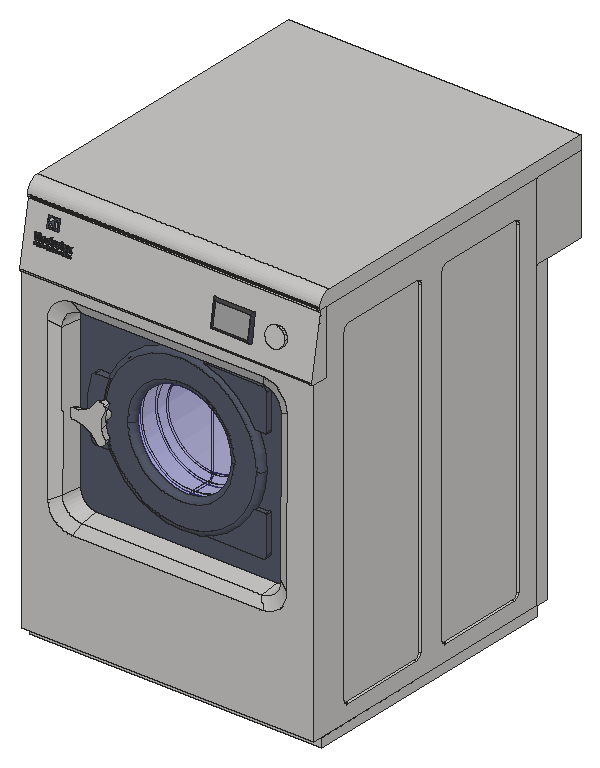
Revit family "1LSN2C_WH6-6(2)", category Specialty Equipment, Revit 2021
Family settings
  Round Connector Dimension = Use Diameter
  Part Type = Normal
  Work Plane-Based = No
  Always vertical = Yes
  Cut with Voids When Loaded = No
  Shared = No
  Room Calculation Point = No
Parameters
  Show Logo [instance] = yes
  Show Clearance [instance] = yes
  Manufacturer = ""
  Model = ""
  Description = ""
  Default Elevation = 0 mm
Reference planes
  plane 1: z = 0
  plane 2 "BACK": y = 372.8
  plane 3 "FRONT": y = -306.9
  plane 4 "LEFT": x = -799
  plane 5 "RIGHT": x = -64
  plane 6 "TOP": z = 830.2
Forms (mm)
  Extrusion 1, solid, material "QF_Finishes_Stainless Steel"
    sketch origin (0, 0, 0) x (1, 0, 0) y (0, 1, 0)
      loop
        line (-799, 261.1) -> (-799, -286.9) -> (-204, -286.9) -> (-204, 261.1) -> (-799, 261.1)
    from 0 to 20
  Extrusion 2, solid, material "QF_Finishes_Stainless Steel"
    sketch origin (718.1, -398.1, 598.796) x (0, 0, -1) y (0, 1, 0)
      loop
        line (578.796, 659.2) -> (-201.404, 659.2) -> (-201.404, 122.184) -> (-73.404, 122.184) -> (-73.404, 91.2) -> (578.796, 91.2) -> (578.796, 659.2)
    from -1517.1 to -922.1
  Extrusion 3, solid, material "QF_Finishes_Stainless Steel"
    sketch origin (718.1, -413.1, 314.696) x (0, 0, -1) y (0, 1, 0)
      loop
        line (-485.504, 785.9) -> (-515.504, 785.9) -> (-515.504, 147.6)
        arc (-515.504, 147.6) -> (-508.182, 129.923) -> (-490.504, 122.6) r 25
        line (-490.504, 122.6) -> (-488.385, 122.6)
        arc (-488.385, 122.6) -> (-486.348, 123.444) -> (-485.504, 125.481) r 2.881
        line (-485.504, 125.481) -> (-485.504, 785.9)
    from -1517.1 to -922.1
  Extrusion 4, solid, material "QF_Finishes_Stainless Steel"
    sketch origin (718.1, -398.1, 598.796) x (0, 0, -1) y (0, 1, 0)
      loop
        line (-43.022, 659.2) -> (-43.022, 770.9) -> (-201.404, 770.9) -> (-201.404, 659.2) -> (-43.022, 659.2)
    from -1517.1 to -922.1
  Blend 5, solid, material "QF_Finishes_Stainless Steel"
    base sketch origin (655.734, 372.8, -65.972) x (0, 0, 1) y (1, 0, 0)
      loop
        circle (514, -1157.1) r 168
    top sketch origin (655.734, 372.8, -65.972) x (0, 0, 1) y (1, 0, 0)
      loop
        circle (514, -1157.1) r 93
    from -86.7 to -46.82
  Blend 6, void
    base sketch origin (1799, -398.1, 640.994) x (0, 0, -1) y (1, 0, 0)
      loop
        arc (17.312, -2485.479) -> (27.287, -2508.58) -> (50.413, -2518.496) r 34
        arc (50.413, -2518.496) -> (204.152, -2520.341) -> (357.882, -2517.867) r 5474
        arc (357.882, -2517.867) -> (380.921, -2507.903) -> (390.844, -2484.847) r 34
        arc (390.844, -2484.847) -> (393.46, -2300.5) -> (390.844, -2116.153) r 6496.247
        arc (390.844, -2116.153) -> (380.921, -2093.097) -> (357.882, -2083.133) r 34
        arc (357.882, -2083.133) -> (204.152, -2080.659) -> (50.413, -2082.504) r 5474
        arc (50.413, -2082.504) -> (27.287, -2092.42) -> (17.312, -2115.521) r 34
        arc (17.312, -2115.521) -> (14.669, -2300.5) -> (17.312, -2485.479) r 6474
    top sketch origin (1799, -398.1, 640.994) x (0, 0, -1) y (1, 0, 0)
      loop
        arc (11.708, -2485.254) -> (23.444, -2512.433) -> (50.653, -2524.1) r 40
        arc (50.653, -2524.1) -> (204.164, -2525.936) -> (357.666, -2523.471) r 5479.595
        arc (357.666, -2523.471) -> (384.773, -2511.748) -> (396.448, -2484.622) r 40
        arc (396.448, -2484.622) -> (399.055, -2300.5) -> (396.448, -2116.378) r 6501.842
        arc (396.448, -2116.378) -> (384.773, -2089.252) -> (357.666, -2077.529) r 40
        arc (357.666, -2077.529) -> (204.164, -2075.064) -> (50.653, -2076.9) r 5479.595
        arc (50.653, -2076.9) -> (23.444, -2088.567) -> (11.708, -2115.746) r 40
        arc (11.708, -2115.746) -> (9.074, -2300.5) -> (11.708, -2485.254) r 6479.595
    from -140.025 to -101.9
  Sweep 7, solid, material "QF_Finishes_Navy Blue"
    path origin (1799, -258.075, 640.994) x (0, 0, -1) y (1, 0, 0)
      loop
        circle (193.036, -2300.359) r 163.892
    profile origin (-665.252, -258.075, 447.958) x (0, -1, 0) y (1, 0, 0)
      loop
        arc (0, 1.34) -> (10, 1.34) -> (15, 10) r 10
        line (15, 10) -> (15, 55.1)
        arc (15, 55.1) -> (10, 63.76) -> (0, 63.76) r 10
        line (0, 63.76) -> (0, 1.34)
  Extrusion 8, void
    sketch origin (737.083, -398.1, 512.286) x (0, 0, -1) y (1, 0, 0)
      loop
        circle (64.327, -1238.437) r 157.984
    from -451.9 to -140.025
  Revolve 9, solid, material "QF_Finishes_Glass"
    sketch origin (-501.359, 0, -3.804) x (0, 1, 0) y (0, 0, 1)
      loop
        line (-258.075, 609.746) -> (-258.075, 569.065)
        arc (-258.075, 569.065) -> (-253.681, 558.458) -> (-243.075, 554.065) r 15
        line (-243.075, 554.065) -> (-203.798, 554.065)
        arc (-203.798, 554.065) -> (-196.727, 551.136) -> (-193.798, 544.065) r 10
        line (-193.798, 544.065) -> (-193.798, 451.762) -> (-188.798, 451.762) -> (-188.798, 544.065)
        arc (-188.798, 544.065) -> (-193.191, 554.672) -> (-203.798, 559.065) r 15
        line (-203.798, 559.065) -> (-243.075, 559.065)
        arc (-243.075, 559.065) -> (-250.146, 561.994) -> (-253.075, 569.065) r 10
        line (-253.075, 569.065) -> (-253.075, 609.746) -> (-258.075, 609.746)
      axis (-258.075, 451.762) -> (-188.798, 451.762)
    angle from 0 to 360
  Extrusion 10, solid, material "QF_Finishes_Navy Blue"
    sketch origin (1799, -398.1, 511.899) x (0, 0, 1) y (-1, 0, 0)
      loop
        arc (-138.662, 2129.17) -> (-137.249, 2129.757) -> (-136.663, 2131.17) r 2.001
        line (-136.663, 2131.17) -> (-136.665, 2160.109)
        arc (-136.665, 2160.109) -> (-193.941, 2210.588) -> (-220.858, 2282.03) r 157.984
        line (-220.858, 2282.03) -> (-220.845, 2137.124)
        arc (-220.845, 2137.124) -> (-218.488, 2131.494) -> (-212.847, 2129.164) r 8
        line (-212.847, 2129.164) -> (-138.662, 2129.17)
    from -140.025 to -130.025
  Extrusion 11, solid, material "QF_Finishes_Stainless Steel"
    sketch origin (774.256, -398.1, 512.339) x (0, 0, -1) y (1, 0, 0)
      loop
        circle (63.902, -1430.269) r 12
    from -125.025 to -106.2
  Blend 12, solid, material "QF_Finishes_Stainless Steel"
    base sketch origin (774.256, -398.1, 512.339) x (0, 0, -1) y (1, 0, 0)
      loop
        arc (50.22, -1447.259) -> (53.068, -1457.304) -> (53.866, -1467.714) r 52.31
        arc (53.866, -1467.714) -> (55.421, -1471.602) -> (59.133, -1473.541) r 6.031
        arc (59.133, -1473.541) -> (64.307, -1473.849) -> (69.48, -1473.542) r 43.662
        arc (69.48, -1473.542) -> (73.193, -1471.604) -> (74.749, -1467.716) r 6.031
        arc (74.749, -1467.716) -> (81.756, -1440.261) -> (102.032, -1420.469) r 52.396
        arc (102.032, -1420.469) -> (104.622, -1417.178) -> (104.444, -1412.994) r 6.031
        arc (104.444, -1412.994) -> (102.124, -1408.36) -> (99.272, -1404.033) r 43.662
        arc (99.272, -1404.033) -> (95.737, -1401.786) -> (91.592, -1402.383) r 6.031
        arc (91.592, -1402.383) -> (82.177, -1406.896) -> (72.053, -1409.45) r 52.31
        arc (72.053, -1409.45) -> (53.923, -1408.985) -> (37.034, -1402.379) r 52.491
        arc (37.034, -1402.379) -> (32.889, -1401.781) -> (29.354, -1404.027) r 6.031
        arc (29.354, -1404.027) -> (26.5, -1408.353) -> (24.18, -1412.987) r 43.662
        arc (24.18, -1412.987) -> (24.001, -1417.171) -> (26.591, -1420.463) r 6.031
        arc (26.591, -1420.463) -> (40.755, -1431.789) -> (50.22, -1447.259) r 52.491
    top sketch origin (774.256, -398.1, 512.339) x (0, 0, -1) y (1, 0, 0)
      loop
        arc (55.209, -1445.949) -> (58.579, -1457.755) -> (59.557, -1469.994) r 61.975
        arc (59.557, -1469.994) -> (64.361, -1470.277) -> (69.165, -1469.982) r 40.09
        arc (69.165, -1469.982) -> (77.404, -1437.725) -> (101.161, -1414.401) r 61.904
        arc (101.161, -1414.401) -> (99.031, -1410.145) -> (96.412, -1406.173) r 40.09
        arc (96.412, -1406.173) -> (85.323, -1411.444) -> (73.412, -1414.426) r 61.975
        arc (73.412, -1414.426) -> (52.094, -1413.883) -> (32.213, -1406.167) r 62.168
        arc (32.213, -1406.167) -> (29.593, -1410.139) -> (27.462, -1414.394) r 40.09
        arc (27.462, -1414.394) -> (34.62, -1419.011) -> (41.075, -1424.568) r 61.793
        arc (41.075, -1424.568) -> (49.253, -1434.524) -> (55.209, -1445.949) r 62.31
    from -91.2 to -106.2
  Blend 13, void
    base sketch origin (1799, -258.075, 640.994) x (0, 0, 1) y (1, 0, 0)
      loop
        arc (-40.17, -2544.974) -> (-5.739, -2530.172) -> (9.142, -2495.774) r 50.744
        arc (9.142, -2495.774) -> (12.075, -2300.5) -> (9.142, -2105.226) r 6500.744
        arc (9.142, -2105.226) -> (-5.739, -2070.828) -> (-40.17, -2056.026) r 50.744
        arc (-40.17, -2056.026) -> (-204.188, -2053.915) -> (-368.196, -2056.696) r 5500.744
        arc (-368.196, -2056.696) -> (-402.497, -2071.57) -> (-417.301, -2105.901) r 50.744
        arc (-417.301, -2105.901) -> (-420.204, -2300.5) -> (-417.301, -2495.099) r 6522.991
        arc (-417.301, -2495.099) -> (-402.497, -2529.43) -> (-368.196, -2544.304) r 50.744
        arc (-368.196, -2544.304) -> (-204.188, -2547.085) -> (-40.17, -2544.974) r 5500.744
    top sketch origin (1799, -258.075, 640.994) x (0, 0, 1) y (1, 0, 0)
      loop
        arc (-11.708, -2485.254) -> (-9.074, -2300.5) -> (-11.708, -2115.746) r 6479.595
        arc (-11.708, -2115.746) -> (-23.444, -2088.567) -> (-50.653, -2076.9) r 40
        arc (-50.653, -2076.9) -> (-204.164, -2075.064) -> (-357.666, -2077.529) r 5479.595
        arc (-357.666, -2077.529) -> (-384.773, -2089.252) -> (-396.448, -2116.378) r 40
        arc (-396.448, -2116.378) -> (-399.055, -2300.5) -> (-396.448, -2484.622) r 6501.842
        arc (-396.448, -2484.622) -> (-384.773, -2511.748) -> (-357.666, -2523.471) r 40
        arc (-357.666, -2523.471) -> (-204.164, -2525.936) -> (-50.653, -2524.1) r 5479.595
        arc (-50.653, -2524.1) -> (-23.444, -2512.433) -> (-11.708, -2485.254) r 40
    from -48.825 to -38.125
  Blend 14, void
    base sketch origin (-439, -182.75, 0) x (0, 1, 0) y (0, 0, 1)
      loop
        arc (-34.813, 747.751) -> (-44.621, 743.688) -> (-48.683, 733.881) r 13.87
        line (-48.683, 733.881) -> (-48.683, 64.954)
        arc (-48.683, 64.954) -> (-44.621, 55.147) -> (-34.813, 51.084) r 13.87
        line (-34.813, 51.084) -> (137.113, 51.084)
        arc (137.113, 51.084) -> (146.921, 55.147) -> (150.983, 64.954) r 13.87
        line (150.983, 64.954) -> (150.983, 733.881)
        arc (150.983, 733.881) -> (146.921, 743.688) -> (137.113, 747.751) r 13.87
        line (137.113, 747.751) -> (-34.813, 747.751)
    top sketch origin (-439, -182.75, 0) x (0, 1, 0) y (0, 0, 1)
      loop
        line (138.453, 745.351) -> (-36.153, 745.351)
        arc (-36.153, 745.351) -> (-43.316, 742.383) -> (-46.283, 735.22) r 10.13
        line (-46.283, 735.22) -> (-46.283, 63.615)
        arc (-46.283, 63.615) -> (-43.316, 56.452) -> (-36.153, 53.484) r 10.13
        line (-36.153, 53.484) -> (138.453, 53.484)
        arc (138.453, 53.484) -> (145.616, 56.452) -> (148.583, 63.615) r 10.13
        line (148.583, 63.615) -> (148.583, 735.22)
        arc (148.583, 735.22) -> (145.616, 742.383) -> (138.453, 745.351) r 10.13
    from -360 to -355
  Blend 15, void
    base sketch origin (-439, 66.75, 0) x (0, 1, 0) y (0, 0, 1)
      loop
        arc (-34.813, 747.751) -> (-44.621, 743.688) -> (-48.683, 733.881) r 13.87
        line (-48.683, 733.881) -> (-48.683, 64.954)
        arc (-48.683, 64.954) -> (-44.621, 55.147) -> (-34.813, 51.084) r 13.87
        line (-34.813, 51.084) -> (137.113, 51.084)
        arc (137.113, 51.084) -> (146.921, 55.147) -> (150.983, 64.954) r 13.87
        line (150.983, 64.954) -> (150.983, 733.881)
        arc (150.983, 733.881) -> (146.921, 743.688) -> (137.113, 747.751) r 13.87
        line (137.113, 747.751) -> (-34.813, 747.751)
    top sketch origin (-439, 66.75, 0) x (0, 1, 0) y (0, 0, 1)
      loop
        line (138.453, 745.351) -> (-36.153, 745.351)
        arc (-36.153, 745.351) -> (-43.316, 742.383) -> (-46.283, 735.22) r 10.13
        line (-46.283, 735.22) -> (-46.283, 63.615)
        arc (-46.283, 63.615) -> (-43.316, 56.452) -> (-36.153, 53.484) r 10.13
        line (-36.153, 53.484) -> (138.453, 53.484)
        arc (138.453, 53.484) -> (145.616, 56.452) -> (148.583, 63.615) r 10.13
        line (148.583, 63.615) -> (148.583, 735.22)
        arc (148.583, 735.22) -> (145.616, 742.383) -> (138.453, 745.351) r 10.13
    from -360 to -355
  Extrusion 16, solid, material "QF_Finishes_Stainless Steel"
    sketch origin (718.1, -398.1, 524.9) x (0, 0, -1) y (0, 1, 0)
      loop
        line (504.9, 659.2) -> (504.9, 684.2) -> (-116.918, 684.2) -> (-116.918, 659.2) -> (504.9, 659.2)
    from -1517.1 to -922.1
  Blend 17, void
    base sketch origin (-564, -182.75, 0) x (0, 1, 0) y (0, 0, -1)
      loop
        line (-34.813, -747.751) -> (137.113, -747.751)
        arc (137.113, -747.751) -> (146.921, -743.688) -> (150.983, -733.881) r 13.87
        line (150.983, -733.881) -> (150.983, -64.954)
        arc (150.983, -64.954) -> (146.921, -55.147) -> (137.113, -51.084) r 13.87
        line (137.113, -51.084) -> (-34.813, -51.084)
        arc (-34.813, -51.084) -> (-44.621, -55.147) -> (-48.683, -64.954) r 13.87
        line (-48.683, -64.954) -> (-48.683, -733.881)
        arc (-48.683, -733.881) -> (-44.621, -743.688) -> (-34.813, -747.751) r 13.87
    top sketch origin (-564, -182.75, 0) x (0, 1, 0) y (0, 0, -1)
      loop
        arc (138.453, -745.351) -> (145.616, -742.383) -> (148.583, -735.22) r 10.13
        line (148.583, -735.22) -> (148.583, -63.615)
        arc (148.583, -63.615) -> (145.616, -56.452) -> (138.453, -53.484) r 10.13
        line (138.453, -53.484) -> (-36.153, -53.484)
        arc (-36.153, -53.484) -> (-43.316, -56.452) -> (-46.283, -63.615) r 10.13
        line (-46.283, -63.615) -> (-46.283, -735.22)
        arc (-46.283, -735.22) -> (-43.316, -742.383) -> (-36.153, -745.351) r 10.13
        line (-36.153, -745.351) -> (138.453, -745.351)
    from -360 to -355
  Blend 18, void
    base sketch origin (-564, 66.75, 0) x (0, 1, 0) y (0, 0, -1)
      loop
        line (-34.813, -747.751) -> (137.113, -747.751)
        arc (137.113, -747.751) -> (146.921, -743.688) -> (150.983, -733.881) r 13.87
        line (150.983, -733.881) -> (150.983, -64.954)
        arc (150.983, -64.954) -> (146.921, -55.147) -> (137.113, -51.084) r 13.87
        line (137.113, -51.084) -> (-34.813, -51.084)
        arc (-34.813, -51.084) -> (-44.621, -55.147) -> (-48.683, -64.954) r 13.87
        line (-48.683, -64.954) -> (-48.683, -733.881)
        arc (-48.683, -733.881) -> (-44.621, -743.688) -> (-34.813, -747.751) r 13.87
    top sketch origin (-564, 66.75, 0) x (0, 1, 0) y (0, 0, -1)
      loop
        arc (138.453, -745.351) -> (145.616, -742.383) -> (148.583, -735.22) r 10.13
        line (148.583, -735.22) -> (148.583, -63.615)
        arc (148.583, -63.615) -> (145.616, -56.452) -> (138.453, -53.484) r 10.13
        line (138.453, -53.484) -> (-36.153, -53.484)
        arc (-36.153, -53.484) -> (-43.316, -56.452) -> (-46.283, -63.615) r 10.13
        line (-46.283, -63.615) -> (-46.283, -735.22)
        arc (-46.283, -735.22) -> (-43.316, -742.383) -> (-36.153, -745.351) r 10.13
        line (-36.153, -745.351) -> (138.453, -745.351)
    from -360 to -355
  Extrusion 19, solid, material "QF_Finishes_Navy Blue"
    sketch origin (1799, -398.1, 384.158) x (0, 0, -1) y (1, 0, 0)
      loop
        line (-138.662, -2129.17) -> (-212.847, -2129.164)
        arc (-212.847, -2129.164) -> (-218.488, -2131.494) -> (-220.845, -2137.124) r 8
        line (-220.845, -2137.124) -> (-220.858, -2282.03)
        arc (-220.858, -2282.03) -> (-193.941, -2210.588) -> (-136.665, -2160.109) r 157.984
        line (-136.665, -2160.109) -> (-136.663, -2131.17)
        arc (-136.663, -2131.17) -> (-137.249, -2129.757) -> (-138.662, -2129.17) r 2.001
    from -140.025 to -130.025
  Extrusion 20, solid, material "QF_Finishes_Navy Blue"
    sketch origin (1471.204, -398.1, 618.971) x (0, 0, 1) y (-1, 0, 0)
      loop
        line (-106.047, 2116.572) -> (-106.047, 2145.048)
        arc (-106.047, 2145.048) -> (-107.973, 2150.949) -> (-113.011, 2154.576) r 10
        arc (-113.011, 2154.576) -> (-170.922, 2163.594) -> (-228.842, 2154.631) r 191.031
        arc (-228.842, 2154.631) -> (-233.885, 2151.004) -> (-235.815, 2145.1) r 10
        line (-235.815, 2145.1) -> (-235.815, 2116.645)
        arc (-235.815, 2116.645) -> (-170.923, 2130.547) -> (-106.047, 2116.572) r 157.984
    from -140.025 to -125.025
  Sweep 21, solid, material "QF_Finishes_Black"
    path origin (-1296.196, -327.051, 581.834) x (0, 0.173648, 0.984808) y (-1, 0, 0)
      loop
        line (121.52, -965.009) -> (176.52, -965.009) -> (176.52, -882.261) -> (121.52, -882.261) -> (121.52, -965.009)
    profile origin (-331.187, -301.174, 728.59) x (-1, 0, 0) y (0, -0.984808, 0.173648)
      loop
        line (5, 0) -> (5, 5)
        arc (5, 5) -> (1.464, 3.536) -> (0, 0) r 5
        line (0, 0) -> (5, 0)
  Extrusion 22, solid, material "QF_Finishes_Dark Grey"
    sketch origin (-479, -310.318, 676.73) x (0, 0.173648, 0.984808) y (-1, 0, 0)
      loop
        line (30.16, -70.065) -> (30.16, -142.813) -> (75.16, -142.813) -> (75.16, -70.065) -> (30.16, -70.065)
    from 0 to 4
  Extrusion 23, solid, material "QF_Finishes_Stainless Steel"
    sketch origin (-499, 119.935, -217.376) x (0, 1, 0) y (0, 0, 1)
      loop
        line (-395.851, 889.576) -> (-395.851, 1017.576) -> (-404.286, 1017.576)
        arc (-404.286, 1017.576) -> (-407.5, 1016.406) -> (-409.21, 1013.444) r 5
        line (-409.21, 1013.444) -> (-430.43, 893.097)
        arc (-430.43, 893.097) -> (-429.774, 890.648) -> (-427.476, 889.576) r 3
        line (-427.476, 889.576) -> (-395.851, 889.576)
    from -300 to 295
  Extrusion 24, solid, material "QF_Finishes_Stainless Steel"
    sketch origin (-499, -310.439, 676.042) x (0, 0.173648, 0.984808) y (-1, 0, 0)
      loop
        circle (55.088, -215.558) r 20
    from 0 to 4.981
  Revolve 25, solid, material "QF_Door-Drawer Clearances", visible <- "Show Clearance", detail levels coarse
    sketch origin (-1732.685, -274.5, 4000) x (-1, 0, 0) y (0, 0, 1)
      loop
        circle (-1231.319, -3551.972) r 163.386
      axis (-1403.685, -3551.972) -> (-1403.685, -3550.972)
    angle from 0 to 90
  Extrusion 26, solid, material "QF_Finishes_Stainless Steel"
    sketch origin (-148.213, 33.843, 641.818) x (1, 0, 0) y (0, -1, 0)
      loop
        circle (-566.987, -276.757) r 13.9
      loop
        circle (-456.987, -276.757) r 13.9
      loop
        circle (-104.587, -286.357) r 13.9
    from 0 to 5
  Extrusion 27, solid, material "QF_Finishes_Stainless Steel"
    sketch origin (508.137, 286.1, -61.225) x (0, 0, 1) y (1, 0, 0)
      loop
        circle (127.125, -789.637) r 30
    from 0 to 5
  Extrusion 28, solid
    sketch origin (-652.538, -384.591, 255.505) x (-1, 0, 0) y (0, -0.173648, -0.984808)
      loop
        line (117.185, -498.69) -> (124.622, -498.69) -> (124.622, -490.031)
        arc (124.622, -490.031) -> (123.643, -487.668) -> (121.28, -486.689) r 3.341
        line (121.28, -486.689) -> (117.042, -486.689) -> (117.042, -488.632) -> (120.796, -488.632)
        arc (120.796, -488.632) -> (122.03, -489.049) -> (122.555, -490.241) r 1.615
        line (122.555, -490.241) -> (122.555, -491.958) -> (117.507, -491.958) -> (117.507, -493.907) -> (122.555, -493.907) -> (122.555, -496.746) -> (117.185, -496.746) -> (117.185, -498.69)
      loop
        line (115.573, -498.69) -> (115.573, -486.689) -> (113.507, -486.689) -> (113.507, -498.69) -> (115.573, -498.69)
      loop
        line (70.681, -498.69) -> (70.681, -486.689) -> (68.613, -486.689) -> (68.613, -498.69) -> (70.681, -498.69)
      loop
        line (110.089, -490.521) -> (103.306, -490.521)
        arc (103.306, -490.521) -> (104.367, -494.248) -> (107.995, -495.607) r 4.298
        arc (107.995, -495.607) -> (111.19, -493.986) -> (112.102, -490.521) r 4.373
        arc (112.102, -490.521) -> (110.902, -487.624) -> (108.005, -486.424) r 4.097
        arc (108.005, -486.424) -> (105.75, -486.757) -> (103.86, -488.03) r 5.15
        line (103.86, -488.03) -> (105.084, -489.254)
        arc (105.084, -489.254) -> (106.691, -488.29) -> (108.559, -488.452) r 3.039
        arc (108.559, -488.452) -> (109.697, -489.21) -> (110.089, -490.521) r 2.013
      loop
        line (110.037, -491.975) -> (105.382, -491.975)
        arc (105.382, -491.975) -> (106.036, -493.349) -> (107.471, -493.855) r 1.983
        arc (107.471, -493.855) -> (109.127, -493.424) -> (110.037, -491.975) r 2.321
      loop
        line (95.248, -492.84) -> (93.951, -494.138)
        arc (93.951, -494.138) -> (95.578, -495.316) -> (97.556, -495.668) r 4.497
        arc (97.556, -495.668) -> (100.573, -494.566) -> (102.156, -491.771) r 4.652
        arc (102.156, -491.771) -> (99.487, -486.872) -> (94.024, -488.001) r 4.684
        line (94.024, -488.001) -> (95.315, -489.292)
        arc (95.315, -489.292) -> (98.1, -488.37) -> (100.096, -490.521) r 2.714
        arc (100.096, -490.521) -> (99.957, -492.222) -> (98.786, -493.464) r 2.578
        arc (98.786, -493.464) -> (96.912, -493.75) -> (95.248, -492.84) r 2.961
      loop
        line (92.681, -498.69) -> (92.681, -490.489)
        arc (92.681, -490.489) -> (92.502, -489.259) -> (92.042, -488.104) r 5.301
        arc (92.042, -488.104) -> (90.566, -486.931) -> (88.698, -486.684) r 3.531
        line (88.698, -486.684) -> (88.698, -488.621)
        arc (88.698, -488.621) -> (89.254, -488.663) -> (89.772, -488.868) r 1.862
        arc (89.772, -488.868) -> (90.436, -489.571) -> (90.614, -490.521) r 1.713
        line (90.614, -490.521) -> (90.614, -493.491) -> (88.737, -493.491) -> (88.737, -495.369) -> (90.614, -495.369) -> (90.614, -498.69) -> (92.681, -498.69)
      loop
        arc (84.947, -491.252) -> (84.8, -492.117) -> (84.373, -492.884) r 2.607
        arc (84.373, -492.884) -> (83.135, -493.52) -> (81.743, -493.491) r 2.84
        line (81.743, -493.491) -> (81.743, -495.477)
        arc (81.743, -495.477) -> (83.561, -495.306) -> (84.947, -494.117) r 3.016
        line (84.947, -494.117) -> (84.947, -495.369) -> (86.997, -495.369) -> (86.997, -486.689) -> (84.947, -486.689) -> (84.947, -491.252)
      loop
        circle (76.689, -491.027) r 4.599
      loop
        circle (76.689, -491.027) r 2.787
      loop
        arc (61.158, -490.304) -> (61.669, -488.901) -> (63.053, -488.341) r 1.835
        arc (63.053, -488.341) -> (64.437, -488.901) -> (64.948, -490.304) r 1.835
        line (64.948, -490.304) -> (64.948, -495.368) -> (67.032, -495.368) -> (67.032, -490.132)
        arc (67.032, -490.132) -> (65.846, -487.428) -> (63.053, -486.47) r 3.675
        arc (63.053, -486.47) -> (60.229, -487.457) -> (59.075, -490.217) r 3.675
        line (59.075, -490.217) -> (59.075, -495.368) -> (61.158, -495.368) -> (61.158, -490.304)
      loop
        line (57.825, -495.368) -> (54.824, -491.293) -> (58.121, -486.686) -> (55.899, -486.686) -> (53.711, -489.744) -> (51.489, -486.686) -> (49.282, -486.686) -> (52.532, -491.34) -> (49.56, -495.368) -> (51.816, -495.368) -> (53.718, -492.792) -> (55.589, -495.368) -> (57.825, -495.368)
      loop
        line (123.459, -481.715) -> (125.107, -481.715) -> (125.107, -477.564) -> (124.205, -477.564) -> (124.205, -478.994) -> (123.208, -478.994)
        arc (123.208, -478.994) -> (122.093, -480.469) -> (123.459, -481.715) r 1.372
      loop
        arc (123.248, -479.809) -> (122.906, -480.343) -> (123.248, -480.876) r 0.587
        line (123.248, -480.876) -> (124.205, -480.876) -> (124.205, -479.809) -> (123.248, -479.809)
      loop
        line (116.947, -481.715) -> (118.624, -481.715) -> (118.624, -477.564) -> (117.722, -477.564) -> (117.722, -478.994) -> (116.849, -478.994) -> (116.252, -477.564) -> (115.284, -477.564) -> (116.1, -479.314)
        arc (116.1, -479.314) -> (115.709, -479.782) -> (115.578, -480.377) r 1.281
        arc (115.578, -480.377) -> (115.99, -481.325) -> (116.947, -481.715) r 1.37
      loop
        line (117.722, -480.876) -> (117.722, -479.809) -> (116.764, -479.809)
        arc (116.764, -479.809) -> (116.423, -480.343) -> (116.764, -480.876) r 0.587
        line (116.764, -480.876) -> (117.722, -480.876)
      loop
        circle (109.985, -479.64) r 2.156
      loop
        circle (109.985, -479.64) r 1.368
      loop
        line (104.287, -481.714) -> (104.287, -477.564) -> (103.407, -477.564) -> (103.407, -479.015) -> (101.845, -479.015) -> (101.845, -479.945) -> (103.407, -479.945) -> (103.407, -480.82) -> (101.695, -480.82) -> (101.695, -481.714) -> (104.287, -481.714)
      loop
        line (98.195, -481.714) -> (98.195, -478.912)
        arc (98.195, -478.912) -> (97.812, -477.963) -> (96.868, -477.568) r 1.327
        line (96.868, -477.568) -> (95.528, -477.568) -> (95.528, -478.352) -> (96.787, -478.352)
        arc (96.787, -478.352) -> (97.251, -478.735) -> (97.342, -479.33) r 0.845
        line (97.342, -479.33) -> (95.684, -479.33) -> (95.684, -480.114) -> (97.342, -480.114) -> (97.342, -480.931) -> (95.569, -480.931) -> (95.569, -481.714) -> (98.195, -481.714)
      loop
        arc (83.167, -481.189) -> (83.716, -481.64) -> (84.413, -481.784) r 1.485
        arc (84.413, -481.784) -> (85.055, -481.626) -> (85.584, -481.227) r 1.645
        arc (85.584, -481.227) -> (85.682, -480.285) -> (85.074, -479.558) r 1.217
        arc (85.074, -479.558) -> (84.563, -479.387) -> (84.078, -479.153) r 4.201
        arc (84.078, -479.153) -> (83.771, -478.792) -> (83.983, -478.368) r 0.43
        arc (83.983, -478.368) -> (84.375, -478.276) -> (84.765, -478.375) r 0.846
        arc (84.765, -478.375) -> (85.102, -478.618) -> (85.309, -478.979) r 0.983
        line (85.309, -478.979) -> (86.035, -478.64)
        arc (86.035, -478.64) -> (85.773, -478.136) -> (85.352, -477.755) r 1.595
        arc (85.352, -477.755) -> (84.874, -477.551) -> (84.356, -477.499) r 1.719
        arc (84.356, -477.499) -> (83.717, -477.626) -> (83.141, -477.932) r 2.246
        arc (83.141, -477.932) -> (82.887, -478.609) -> (83.018, -479.319) r 1.349
        arc (83.018, -479.319) -> (83.302, -479.647) -> (83.665, -479.884) r 1.564
        arc (83.665, -479.884) -> (84.123, -480.088) -> (84.594, -480.265) r 8.236
        arc (84.594, -480.265) -> (84.866, -480.687) -> (84.473, -481.001) r 0.375
        arc (84.473, -481.001) -> (84.002, -480.888) -> (83.641, -480.566) r 0.998
        line (83.641, -480.566) -> (83.167, -481.189)
      loop
        line (79.359, -481.714) -> (79.359, -477.568) -> (78.506, -477.568) -> (78.506, -481.714) -> (79.359, -481.714)
      loop
        circle (72.757, -479.641) r 1.29
      loop
        circle (72.757, -479.641) r 2.154
      loop
        line (67.036, -477.568) -> (66.174, -477.568) -> (66.174, -480.175) -> (64.277, -477.568) -> (63.448, -477.568) -> (63.448, -481.714) -> (64.31, -481.714) -> (64.31, -479.028) -> (66.207, -481.714) -> (67.036, -481.714) -> (67.036, -477.568)
      loop
        line (59.149, -477.568) -> (58.745, -478.462) -> (57.211, -478.462) -> (56.807, -477.568) -> (55.891, -477.568) -> (57.642, -481.714) -> (58.442, -481.714) -> (60.064, -477.568) -> (59.149, -477.568)
      loop
        line (57.594, -479.313) -> (58.005, -480.224) -> (58.404, -479.313) -> (57.594, -479.313)
      loop
        line (51.655, -478.352) -> (51.655, -481.714) -> (52.508, -481.714) -> (52.508, -477.568) -> (50.06, -477.568) -> (50.06, -478.352) -> (51.655, -478.352)
      loop
        arc (89.384, -481.189) -> (89.934, -481.64) -> (90.63, -481.784) r 1.485
        arc (90.63, -481.784) -> (91.273, -481.626) -> (91.802, -481.227) r 1.645
        arc (91.802, -481.227) -> (91.899, -480.285) -> (91.291, -479.558) r 1.217
        arc (91.291, -479.558) -> (90.78, -479.387) -> (90.295, -479.153) r 4.201
        arc (90.295, -479.153) -> (89.989, -478.792) -> (90.2, -478.368) r 0.43
        arc (90.2, -478.368) -> (90.592, -478.276) -> (90.982, -478.375) r 0.846
        arc (90.982, -478.375) -> (91.32, -478.618) -> (91.526, -478.979) r 0.983
        line (91.526, -478.979) -> (92.252, -478.64)
        arc (92.252, -478.64) -> (91.991, -478.136) -> (91.569, -477.755) r 1.595
        arc (91.569, -477.755) -> (91.091, -477.551) -> (90.574, -477.499) r 1.719
        arc (90.574, -477.499) -> (89.935, -477.626) -> (89.359, -477.932) r 2.246
        arc (89.359, -477.932) -> (89.104, -478.609) -> (89.236, -479.319) r 1.349
        arc (89.236, -479.319) -> (89.519, -479.647) -> (89.882, -479.884) r 1.564
        arc (89.882, -479.884) -> (90.341, -480.088) -> (90.811, -480.265) r 8.236
        arc (90.811, -480.265) -> (91.083, -480.687) -> (90.69, -481.001) r 0.375
        arc (90.69, -481.001) -> (90.22, -480.888) -> (89.858, -480.566) r 0.998
        line (89.858, -480.566) -> (89.384, -481.189)
    from 0 to 1.6
  Extrusion 29, solid
    sketch origin (-499, -310.439, 676.042) x (0, 0.173648, 0.984808) y (-1, 0, 0)
      loop
        line (107.116, 241.926) -> (87.321, 241.926)
        arc (87.321, 241.926) -> (97.219, 234.609) -> (107.116, 241.926) r 10.352
      loop
        arc (107.116, 242.933) -> (105.245, 251.165) -> (97.793, 255.131) r 10.145
        line (97.793, 255.131) -> (97.793, 251.856)
        arc (97.793, 251.856) -> (100.167, 246.006) -> (105.683, 242.933) r 9.509
        line (105.683, 242.933) -> (107.116, 242.933)
      loop
        arc (88.755, 242.933) -> (94.27, 246.006) -> (96.645, 251.856) r 9.509
        line (96.645, 251.856) -> (96.645, 255.131)
        arc (96.645, 255.131) -> (89.131, 251.171) -> (87.067, 242.933) r 10.411
        line (87.067, 242.933) -> (88.755, 242.933)
      loop
        line (108.196, 255.882) -> (86.196, 255.882) -> (86.196, 233.852) -> (108.196, 233.852) -> (108.196, 255.882)
    from 0 to 1.6
Cuts and joins
  Blend 6, Extrusion 8, Blend 13, Blend 14, Blend 15, Blend 17, Blend 18 cuts Extrusion 2
  Blend 13 cuts Sweep 7
  Blend 13 cuts Extrusion 10
  joined: Sweep 7, Extrusion 10, Extrusion 19, Extrusion 20
  Blend 13 cuts Revolve 9
  joined: Extrusion 11, Blend 12
Lines and regions (mm)
  Split face 1
    outline origin (-499, -310.439, 676.042) x (0, 0.173648, 0.984808) y (-1, 0, 0)
      loop
        arc (118.887, 71.684) -> (117.325, 75.454) -> (113.555, 77.016) r 5.331
        line (113.555, 77.016) -> (16.813, 77.016)
        arc (16.813, 77.016) -> (12.926, 75.406) -> (11.315, 71.518) r 5.497
        line (11.315, 71.518) -> (11.315, -282.223)
        arc (11.315, -282.223) -> (12.926, -286.11) -> (16.813, -287.72) r 5.497
        line (16.813, -287.72) -> (113.389, -287.72)
        arc (113.389, -287.72) -> (117.277, -286.11) -> (118.887, -282.223) r 5.497
        line (118.887, -282.223) -> (118.887, 71.684)
  Split face 2
    outline origin (-499, -310.439, 676.042) x (0, 0.173648, 0.984808) y (-1, 0, 0)
      loop
        line (88.598, -287.72) -> (88.598, -37.647)
        arc (88.598, -37.647) -> (86.314, -26.166) -> (79.811, -16.433) r 30
        line (79.811, -16.433) -> (15.487, 46.221)
        arc (15.487, 46.221) -> (13.825, 46.834) -> (12.257, 46.009) r 2.178
        arc (12.257, 46.009) -> (11.558, 44.731) -> (11.315, 43.294) r 4.384
  Split face 3
    outline origin (-499, -310.439, 676.042) x (0, 0.173648, 0.984808) y (-1, 0, 0)
      loop
        line (93.598, -287.72) -> (93.598, -37.647)
        arc (93.598, -37.647) -> (90.934, -24.253) -> (83.347, -12.898) r 35
        line (83.347, -12.898) -> (48.219, 22.23)
        arc (48.219, 22.23) -> (42.799, 30.341) -> (40.896, 39.908) r 25
        line (40.896, 39.908) -> (40.896, 74.86) -> (47.896, 74.86) -> (47.896, 53.33)
        arc (47.896, 53.33) -> (49.654, 44.494) -> (54.659, 37.004) r 23.088
        line (54.659, 37.004) -> (93.953, -2.291)
        arc (93.953, -2.291) -> (104.792, -18.512) -> (108.598, -37.647) r 50
        line (108.598, -37.647) -> (108.598, -287.72)
  Split face 4
    outline origin (-499, -310.439, 676.042) x (0, 0.173648, 0.984808) y (-1, 0, 0)
      loop
        line (40.896, 292.016) -> (40.896, 81.524) -> (47.896, 81.524) -> (47.896, 292.016) -> (40.896, 292.016)
  symbolic lines
    curve 1: line (-799, -306.9, 830.2) -> (-204, -306.9, 830.2)
    curve 2: line (-204, 372.8, 0) -> (-204, -306.9, 0)
    curve 3: line (-799, 372.8, 0) -> (-799, -306.9, 0)
    curve 5: line (-204, 372.8, 830.2) -> (-799, 372.8, 830.2)
    curve 6: line (-799, -275.916, 830.2) -> (-204, -275.916, 830.2)
  symbolic lines, style "QF_Door-Drawer Clearances", visible <- "Show Clearance"
    curve 4: line (-329, -610.277, 0) -> (-329, -306.9, 0)
  symbolic lines, style "QF_Door-Drawer Clearances"
    curve 7: arc (-662.939, -306.9, 0) -> (-555.017, -523.584, 0) -> (-329, -610.277, 0) r 333.662
Dimensions and locks
  plane 4 "LEFT" to plane 5 "RIGHT" = 735 mm
  plane 2 "BACK" to plane 3 "FRONT" = 679.7 mm
  plane 6 "TOP" to level = 830.2 mm
  plane 2 "BACK" to Extrusion 26 sketch curve = 62.2 mm  (x2)
  plane 4 "LEFT" to Extrusion 26 sketch curve = 83.8 mm
  plane 4 "LEFT" to Extrusion 26 sketch curve = 193.8 mm
  Extrusion 26 sketch curve to Extrusion 3 = 48.8 mm
  plane 2 "BACK" to Extrusion 26 sketch curve = 52.6 mm
  level to Extrusion 27 sketch curve = 65.9 mm
  Extrusion 16 to Extrusion 27 sketch curve = 77.5 mm
  aligned and locked: level to plane 1
  aligned and locked: Extrusion 2 to plane 4 "LEFT"
  aligned and locked: Extrusion 3 to plane 4 "LEFT"
  aligned and locked: Extrusion 4 to plane 4 "LEFT"
Connectors
  piping at (-605.2, 310.6, 636.818), diameter 27.8
    settings: on Extrusion 26, index 1, connector inside diameter 609.6 mm, connector length 0 mm, flow factor 0, pipe flow 0.0 L/s, pressure drop 0.0 Pa, fitting loss kfactor 0, connector angle 0.00°, fixture units 0, engagement length 0 mm, angle of deflection 0.00°, flow configuration 1, flow direction 1, fitting loss method 0, system type 19, joint type 0, gender type 0, connector reference index -1, connector utility 0, adjustable connector no, is connector primary yes, connector description "Hot Water Inlet"
  piping at (-715.2, 310.6, 636.818), diameter 27.8
    settings: on Extrusion 26, index 2, connector inside diameter 609.6 mm, connector length 0 mm, flow factor 0, pipe flow 0.0 L/s, pressure drop 0.0 Pa, fitting loss kfactor 0, connector angle 0.00°, fixture units 0, engagement length 0 mm, angle of deflection 0.00°, flow configuration 1, flow direction 1, fitting loss method 0, system type 20, joint type 0, gender type 0, connector reference index -1, connector utility 0, adjustable connector no, is connector primary no, connector description "Cold Water Inlet"
  electrical at (-252.8, 320.2, 636.818)
    settings: on Extrusion 26, index 3, voltage 0 V, apparent load 0 VA, apparent load phase1 0 VA, apparent load phase2 0 VA, apparent load phase3 0 VA, power factor 1, load classification "Altro", number of poles 1, system type 30, power factor state 1, is connector primary yes, connector utility no, sub classification motor no, connector description "Electrical Connection"
  piping at (-281.5, 291.1, 65.9), diameter 60
    settings: on Extrusion 27, index 4, connector inside diameter 609.6 mm, connector length 0 mm, flow factor 0, pipe flow 0.0 L/s, pressure drop 0.0 Pa, fitting loss kfactor 0, connector angle 0.00°, fixture units 0, engagement length 0 mm, angle of deflection 0.00°, flow configuration 1, flow direction 2, fitting loss method 0, system type 16, joint type 0, gender type 0, connector reference index -1, connector utility 0, adjustable connector no, is connector primary no, connector description "Drain"
